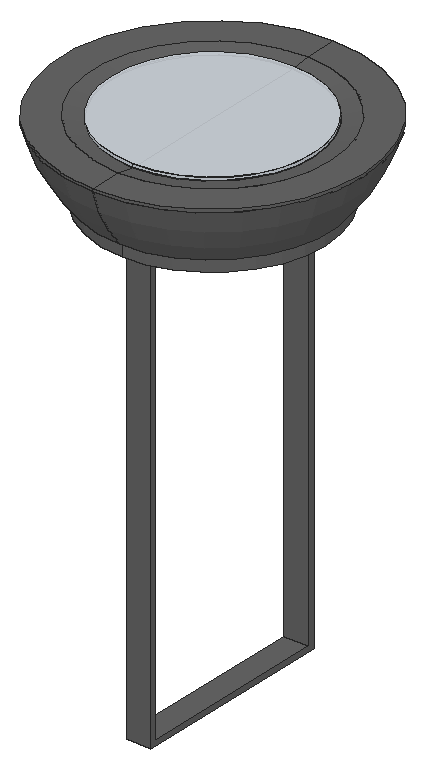
Revit family "SRT1-Yoke Mount", category Lighting Fixtures, host Face, Revit 2021
Family settings
  Host = Face
  Round Connector Dimension = Use Diameter
  Part Type = Normal
  OmniClass Number = 23.80.70.11.14.11
  OmniClass Title = Downlights
  Cut with Voids When Loaded = No
  Light Source = Yes
  Shared = No
  Room Calculation Point = No
Parameters (values of type "SRT1")
  Wattage Comments = "20-55W"
  Wattage = 55 W
  Warranty = "• 5 year warranty\r\n• See HLI Standard Warranty for\r\nadditional information"  # constant formula
  built-in parameter 1150110 = 1 (stored number, unit not read)
  Voltage = 120 V
  built-in parameter 1114217 = 1 (stored number, unit not read)
  Tilt Angle = -90.00°  # constant formula
  built-in parameter 1150109 = 1 (stored number, unit not read)
  built-in parameter 1150134 = 3
  built-in parameter 1150113 = 1 (stored number, unit not read)
  Photometric Web File = "SRT1-55-3K7-5C.ies"
  Features = "•\tCompact and low profile housing measuring 12inch x 3.1inch\r\n•\tVisual comfort edge-lit design\r\n•\t2,500-6,000 lumens\r\n•\tOption uplight module provides 800 lumens of indirect illumination\r\n•\tSurface and pendant mounting options\r\n•\tControl options including occupancy sensing with photocontrol\r\n•\tOptional bird shield and vandal deterring wire guard\r\n\r\n"  # constant formula
  Cord Height = 17.500"  # constant formula
  built-in parameter 1150105 = 433.3 (stored number, unit not read)
  Lumens = 5445 lm
  built-in parameter 1150115 = 1 (stored number, unit not read)
  built-in parameter 1150137 = (empty or 0)
  built-in parameter 1150139 = (empty or 0)
  built-in parameter 1150112 = 1 (stored number, unit not read)
  built-in parameter 1150114 = 1 (stored number, unit not read)
  built-in parameter 1150132 = (empty or 0)
  built-in parameter 1150102 = (empty or 0)
  built-in parameter 1150107 = 3200 (stored number, unit not read)
  built-in parameter 1150138 = (empty or 0)
  built-in parameter 1150106 = 4.333 (stored number, unit not read)
  Emit from Circle Diameter = 4.000"  # constant formula
  Emit Shape Visible in Rendering = no
  built-in parameter 1150104 = 9.1974 (stored number, unit not read)
  Dimming Lamp Color Temperature Shift = <None>
  Copyright = "© Beacon Products"  # constant formula
  Contact us = ""
  Color Filter = 16777215
  Certifications = "• cCSAus certified to UL 1598\r\n• Wall Mount: Suitable for wet locations\r\n• Surface & Pendant Mount: Suitable for wet\r\nlocations under covered ceiling\r\n• Cord Mount and all Wall Wash: Suitable for\r\ndamp locations"  # constant formula
  built-in parameter 1114218 = 1 (stored number, unit not read)
  Ballast = Paint -  Carbon Black
  URL = "https://www.currentlighting.com/beacon"
  Product Page URL = ""
  Product Documentation Link = ""
  Model = "SRT1"  # constant formula
  Manufacturer = "Beacon Products"  # constant formula
  Lamp = "LED Lamp"
  Reflector = Glass
  Description = "Small Edge-Lit luminaire, the ideal solution for parking garage and canopy applications. Provides exceptional visual comfort and photometric performance in sleek low profile housing. Available in a wide range of lumen outputs and photometric distributions paired with a specially designed lens for optimal visual comfort and performance."  # constant formula
  Default Elevation = 48.000"
  built-in parameter 1150133 = 10 (stored number, unit not read)
  Apparent Load = 25 VA  # constant formula
Reference planes (in)
  plane 1 "Center (Front/Back)": y = 0
  plane 2: z = 0
  plane 3 "Center (Left/Right)": x = 0
  plane 4: z = 17.5
  plane 5: z = 17.25
  plane 6: x = -1
  plane 7: y = 1
  plane 8: x = 1
  plane 9: y = -1
Forms (in)
  Extrusion 1, solid, material "Paint -  Carbon Black" <- "Ballast"
    sketch origin (0, 0, 0) x (0, 1, 0) y (0, 0, 1)
      loop
        line (-4, 17.5) -> (-4, 0) -> (4.1029, 0) -> (4.1029, 17.5) -> (-4, 17.5)
      loop
        line (-3.80982, 17.3) -> (-3.80982, 0.2) -> (3.8525, 0.2) -> (3.8525, 17.3) -> (-3.80982, 17.3)
    from -0.24087 to 0.74087
Dimensions and locks (in)
  "Cord Height": plane 4 to host face
  locked: plane 4 to plane 5 at 0.25
  plane 6 to plane 3 "Center (Left/Right)" to plane 8 = 1.000" locked, 1.000" locked
  plane 7 to plane 1 "Center (Front/Back)" to plane 9 = 1.000" locked, 1.000" locked
  nested 1 to nested 1 = 12.000"
  nested 1 to plane 4 = 3.100"
  aligned and locked: plane 2 to host face
  aligned and locked: plane 3 "Center (Left/Right)" to nested 1
  aligned and locked: nested 1 to plane 1 "Center (Front/Back)"
  aligned and locked: plane 3 "Center (Left/Right)" to imposter light
  aligned and locked: imposter light to nested 1
Automatic sketch dimensions
  host sketch curve to host sketch curve = 96.000"  (x2)
  Extrusion 1 sketch curve to level = 0.000"
  Extrusion 1 sketch curve to plane 4 = 0.000"
  Extrusion 1 sketch curve to plane 9 = 3.000"
  plane 7 to Extrusion 1 sketch curve = 3.1029"
  Extrusion 1 sketch curve to Extrusion 1 sketch curve = 0.19018"
  plane 5 to Extrusion 1 sketch curve = 0.050"
  Extrusion 1 sketch curve to Extrusion 1 sketch curve = 0.2504"
  level to Extrusion 1 sketch curve = 0.200"
Nested families (in)
  nested 1: "LTC" at (0, 0, 17.5) x (0, 1, 0) z (0, 0, 1), Ballast <- "Ballast", Reflector <- "Reflector", type "6"
    with Reflector Glass, Ballast Paint -  Carbon Black
Connectors (in)
  electrical at (0, 0, 0), driven by "Description", driven by "Voltage", driven by "Apparent Load"
    settings: index 1, voltage 120 V, apparent load 25 VA, apparent load phase1 0 VA, apparent load phase2 0 VA, apparent load phase3 0 VA, power factor 1, load classification "Other", number of poles 1, system type 30, power factor state 1, is connector primary yes, connector utility no, sub classification motor no, connector description "Small Edge-Lit luminaire, the ideal solution for parking garage and canopy applications. Provides exceptional visual comfort and photometric performance in sleek low profile housing. Available in a wide range of lumen outputs and photometric distributions paired with a specially designed lens for optimal visual comfort and performance."
Definition of nested family "LTC"
  Parameters
    Width = 12.000"
    Wattage Comments = ""
    Lamp = ""
    Ballast [instance] = none
    URL = ""
    Product Page URL = ""
    Product Documentation Link = ""
    Model = ""
    Manufacturer Phone = ""
    Manufacturer Fax = ""
    Manufacturer = "Prescolite"
    Reflector [instance] = none
    Description = ""
    Default Elevation = 48.000"
  Reference planes (in)
    plane 1 "Center (Front/Back)": y = 0
    plane 2: z = 0
    plane 3 "Center (Left/Right)": x = 0
    plane 4: y = 7.75
    plane 5: y = -7.75
    plane 6: x = -6
    plane 7: x = 6
    plane 8: z = 3.1
    plane 9: z = 0.125
    plane 10: x = 5.875
    plane 11: z = 2.975
  Forms (in)
    Extrusion 1, solid
      sketch origin (0, 0, 0) x (1, 0, 0) y (0, 1, 0)
        loop
          line (-48, 48) -> (-48, -48) -> (48, -48) -> (48, 48) -> (-48, 48)
      from 0 to -6
    Extrusion 2, solid, material <- "Reflector"
      sketch origin (0, 0, 30.25) x (1, 0, 0) y (0, 1, 0)
        loop
          circle (0, 0) r 4
      from -27.15 to -27.275
    Revolve 3, solid, material <- "Ballast"
      sketch origin (0, 0, -1.25) x (1, 0, 0) y (0, 0, 1)
        loop
          line (0, 1.25) -> (4.5, 1.25) -> (4.5, 1.75) -> (4.61174, 1.75)
          arc (4.61174, 1.75) -> (5.45102, 2.90609) -> (6, 4.225) r 6.13184
          line (6, 4.225) -> (6, 4.35) -> (4.70891, 4.35) -> (4, 4.225) -> (0, 4.225) -> (0, 1.25)
        axis (0, 4.35) -> (0, 1.25)
      angle from 0 to 360
  Dimensions and locks (in)
    locked: plane 4 to plane 1 "Center (Front/Back)" at 7.75
    locked: plane 5 to plane 1 "Center (Front/Back)" at 7.75
    "Width": plane 7 to plane 6
    plane 8 to Extrusion 1 = 3.100"
    locked: plane 8 to plane 11 at 0.125
    locked: plane 7 to plane 10 at 0.125
    equal spacing: plane 7, plane 3 "Center (Left/Right)", plane 6
    locked: plane 9 to Extrusion 1 at 0.125
    aligned and locked: plane 2 to Extrusion 1
    aligned and locked: Extrusion 2 to plane 11
  Automatic sketch dimensions
    Extrusion 1 sketch curve to Extrusion 1 sketch curve = 96.000"  (x2)
    Revolve 3 sketch curve to plane 3 "Center (Left/Right)" = 0.000"  (x2)
    Revolve 3 sketch curve to level = 0.000"
    Revolve 3 sketch curve to plane 11 = 0.000"  (x2)
    Revolve 3 sketch curve to plane 8 = 0.000"
    Revolve 3 sketch curve to plane 7 = 0.000"
    plane 3 "Center (Left/Right)" to Revolve 3 sketch curve = 0.10303"
    Revolve 3 sketch curve to plane 10 = 1.375"
    Revolve 3 sketch curve to Revolve 3 sketch curve = 0.11174"
    Revolve 3 sketch curve to Revolve 3 sketch curve = 0.500"
    Revolve 3 sketch curve to plane 10 = 1.875"
    Revolve 3 sketch curve to Revolve 3 sketch curve = 0.70891"
    Revolve 3 sketch curve to level = 10.000"
    Revolve 3 sketch curve to Revolve 3 sketch curve = 8.000"
    plane 1 "Center (Front/Back)" to Extrusion 2 sketch curve = 0.000"
    Extrusion 2 sketch curve to plane 3 "Center (Left/Right)" = 0.000"
    radius of Extrusion 2 sketch curve = 4.000"
